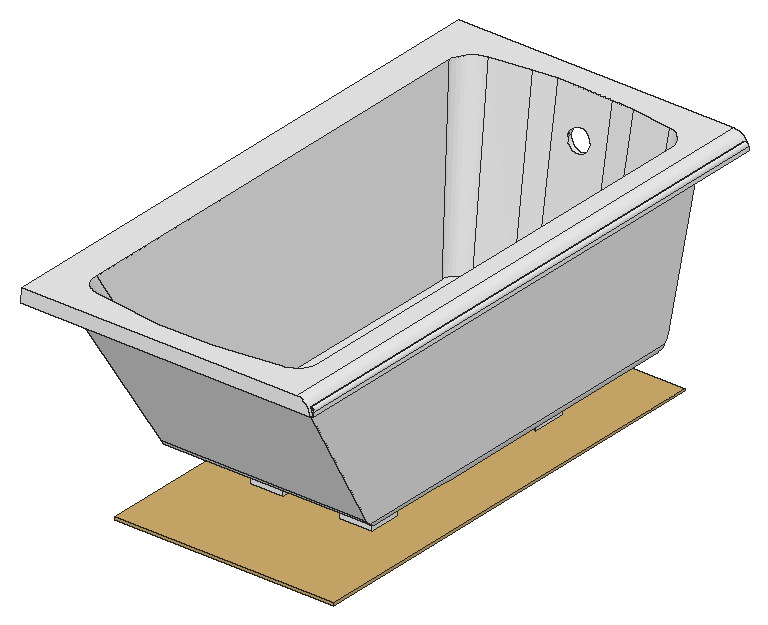
Revit family "bm-00012_abr782r", category Plumbing Fixtures, host Face, Revit 2016
Family settings
  Host = Face
  Part Type = Normal
  Round Connector Dimension = Use Radius
  OmniClass Number = 23.45.05.14.21
  OmniClass Title = Bathtubs
  Cut with Voids When Loaded = No
  Shared = No
  Room Calculation Point = No
Parameters (values of type "ABR782R")
  ecoScorecard_data = " "
  ecoScorecard Product Page = "  "
  Width = 32"
  Waste Connection Radius = Waste Connection NPT / 2  # 1"
  Waste Connection NPT = 2"
  Waste Connection = yes
  Warranty URL = "http://www.totousa.com/warranty-registration"
  Warranty = "1 Year Limited Warranty on acrylic tub; 1 Year Limited Warranty on components and parts"
  WFU = 0
  Voltage = 120 V
  Vent Connection = yes
  URL = "http://www.totousa.com"
  Toto BIM Number = "BM-00012"  # constant formula
  Subcategory = "Bathtubs"  # constant formula
  Style = "Traditional"  # constant formula
  Spec Sheet URL = "http://assets.totousa.com/product-files/SS-01033_ABR782.pdf"
  Shipping Weight = 116.00 lbf
  Series = "Clayton"  # constant formula
  Product Page URL = " "
  Parts Manual URL = "http://assets.totousa.com/product-files/PD-00811_REMOTE_AIRBATHS.pdf"
  Owners Manual URL = "http://assets.totousa.com/product-files/0GU5054_AIRBATH_OM.pdf"
  Number of Poles = 1
  Model = "ABA782R"  # constant formula
  Manufacturer Toll Free Phone = "1-888-295-8134"  # constant formula
  Manufacturer Phone = "(770) 282-8686 "  # constant formula
  Manufacturer Fax = "(770) 282-0002"  # constant formula
  Manufacturer Email = "mailto:custservice@totousa.com "
  Manufacturer Address = "1155 Southern Road, Morrow, Georgia 30260"  # constant formula
  Manufacturer = "TOTO USA, Inc."  # constant formula
  Installation URL = "http://assets.totousa.com/product-files/0GU5034_AIRBATH_BATHTUB_IM.pdf"
  Industry Standards = "1200 VA"
  Height = 2 7/8"
  HWFU = 0
  HW Connection = no
  Full Load Amps = 10 A
  Frequency = 60 Hz
  Finish = Metal - TOTO - Chrome - Polished
  Description = "Tile-In Air Bath"  # constant formula
  Depth = 60"
  Default Elevation = 0"
  Cost Info = "mailto:custservice@totousa.com "
  Color Availability = "#01  Cotton, #12  Sedona Beige"
  CWFU = 0
  CW Connection = no
  CAD Drawing URL = "http://assets.totousa.com/product-files/AD-00128_ABR782R.dxf"
  Bottom Plate = Metal - TOTO - LifeKoat - Brass - Polished
  Blower Motor Horsepower (HP) = 1
  Assembly Code = "D2010510"
  95 CSI = "15410"
  04 CSI = "22 41 19"
Reference planes (in)
  plane 1 "Center (Front/Back)": y = 0
  plane 2: z = 0
  plane 3 "Center (Left/Right)": x = 0
Dimensions and locks (in)
  aligned and locked: plane 2 to host face
  aligned and locked: level to host face
  aligned: nested 1 to plane 1 "Center (Front/Back)"
  aligned: plane 3 "Center (Left/Right)" to nested 1
  aligned and locked: nested 1 to plane 1 "Center (Front/Back)"
  aligned and locked: plane 3 "Center (Left/Right)" to nested 1
Nested families (in)
  nested 1: "ABA782R" at (0, 30.25, 0), type "ABA782R"
Connectors (in)
  piping at (0, 22, 2.84375), diameter 2, driven by "Waste Connection Radius"
    settings: on nested 1, index 1, connector inside diameter 2", connector length 0", flow factor 0, pipe flow 0 GPM, pressure drop 0.00 psi, fitting loss kfactor 0, connector angle 0.00°, fixture units 0, engagement length 0", angle of deflection 0.00°, flow configuration 3, flow direction 2, fitting loss method 0, system type 16, joint type 0, gender type 0, connector reference index -1, connector utility 0, adjustable connector no, is connector primary yes, connector description "Waste Outlet Connection"
  electrical at (0, -21.7793, 14.47914), driven by "Voltage"
    settings: on nested 1, index 2, voltage 120 V, apparent load 0 VA, apparent load phase1 0 VA, apparent load phase2 0 VA, apparent load phase3 0 VA, power factor 1, load classification "Other", number of poles 1, system type 30, power factor state 1, is connector primary yes, connector utility no, sub classification motor no, connector description "Power Connection"
Definition of nested family "ABA782R"
  Parameters
    ecoScorecard_data = ""
    ecoScorecard Product Page = ""
    Waste Connection Radius = Waste Connection NPT / 2  # 1"
    Waste Connection NPT = 2"
    Waste Connection = yes
    WFU = 0
    Voltage = 120 V
    Vent Connection = yes
    URL = "http://www.totousa.com"
    Toto Version = "V.03"  # constant formula
    Toto BIM Number = "BM-00012"  # constant formula
    Subcategory = "Baths"  # constant formula
    Shipping Weight = 108.00 lbf
    Series = "Clayton"
    Product URL = "http://www.totousa.com/ProductDetail/tabid/75/Default.aspx?ProductId=f4647c25-42a9-476f-bf80-bba4a776ccb2&SearchId=143f0cf8-8443-43ab-af45-2db00bac7cde"
    Number of Poles = 1
    Nominal Width = 32"  # constant formula
    Nominal Length = 60"  # constant formula
    Nominal Depth = 24 7/8"  # constant formula
    Model = "ABA782R"
    Manufacturer = "TOTO USA, Inc."  # constant formula
    HWFU = 0
    HW Connection = no
    Full Load Amps = 10 A
    Frequency = 60 Hz
    Description = "Tile-In Air Bath"
    Default Elevation = 0"
    CWFU = 0
    CW Connection = no
    CADworks URL = "http://www.CADworks.net"
    Bottom Plate = none
    Blower Motor Horsepower (HP) = 1
    Bathtub Material = none
    Assembly Code = "D2010510"
    Apparent Power = Full Load Amps * Voltage  # 1200 VA
  Reference planes (in)
    plane 1 "Wall Closure": y = 0
    plane 2: z = 0
    plane 3 "Center (Left/Right)": x = 0
    plane 4: z = 24.875
    plane 5: y = -60
    plane 6: z = 23.375
    plane 7: x = -16
    plane 8: x = 16
    plane 9: z = 4.625
    plane 10: z = 5.125
    plane 11 "Vert. Center-Waste Connection": y = -8.25
    plane 12 "Horiz. Center-Waste Connection": z = 2.84375
    plane 13: y = -30.25
    plane 14: z = 22.8125
    plane 15: z = 20.09375
    plane 16: x = 10.21044
  Forms (in)
    Extrusion 1, solid
      sketch origin (0, 0, 0) x (1, 0, 0) y (0, 1, 0)
        loop
          line (-36, 24) -> (-36, -84) -> (36, -84) -> (36, 24) -> (-36, 24)
      from 0 to -2
    Extrusion 2, solid, material <- "Bottom Plate", detail levels fine
      sketch origin (0, 0, 0) x (1, 0, 0) y (0, 1, 0)
        loop
          line (-12, -4) -> (-12, -52) -> (12, -52) -> (12, -4) -> (-12, -4)
      from 0 to 0.25
    Blend 3, solid, material <- "Bathtub Material", detail levels medium+fine
      base sketch origin (0, 57.68752, 23.375) x (1, 0, 0) y (0, 1, 0)
        loop
          line (-16, -57.68752) -> (-16, -117.68752) -> (15.75, -117.68752) -> (15.75, -57.68752) -> (-16, -57.68752)
      top sketch origin (0, 57.68752, 23.375) x (1, 0, 0) y (0, 1, 0)
        loop
          line (15.75, -117.62502) -> (15.75, -57.75002) -> (-15.9375, -57.75002) -> (-15.9375, -117.62502) -> (15.75, -117.62502)
      from 0 to 1.5
    Extrusion 4, solid, material <- "Bathtub Material", detail levels medium+fine
      sketch origin (-12.53125, 0, 0) x (0, 1, 0) y (0, 0, 1)
        loop
          line (-57.5, 23.375) -> (-46.5586, 5.58327)
          arc (-46.5586, 5.58327) -> (-45.84402, 4.89263) -> (-44.88524, 4.63118) r 2
          line (-44.88524, 4.63118) -> (-9.37109, 4.09375) -> (-7.12109, 4.09375) -> (-7.05859, 4.1875)
          arc (-7.05859, 4.1875) -> (-5.96153, 4.81657) -> (-5.39507, 5.94724) r 2.1903
          line (-5.39507, 5.94724) -> (-2.375, 23.375) -> (-57.5, 23.375)
      from 0 to 25.0625
    Extrusion 5, void
      sketch origin (0, 3, 69.72292) x (0, 0, -1) y (1, 0, 0)
        loop
          line (64.70193, -11.19212) -> (46.34792, -12.53125) -> (65.62917, -12.53125) -> (65.62917, -10.19477)
          arc (65.62917, -10.19477) -> (65.36155, -10.87567) -> (64.70193, -11.19212) r 1
        loop
          arc (64.70193, 11.19212) -> (65.36155, 10.87567) -> (65.62917, 10.19477) r 1
          line (65.62917, 10.19477) -> (65.62917, 12.53125) -> (46.34792, 12.53125) -> (64.70193, 11.19212)
      from 3 to 63
    Blend 6, void
      base sketch origin (0, 57.68752, 24.875) x (0, -1, 0) y (1, 0, 0)
        loop
          line (111.95858, 12.25) -> (63.72646, 12.25)
          arc (63.72646, 12.25) -> (62.03281, 11.5889) -> (61.2349, 9.95523) r 2.5
          arc (61.2349, 9.95523) -> (61.0002, 7.76545) -> (60.65816, 5.58984) r 44.79453
          arc (60.65816, 5.58984) -> (60.46493, 4.29976) -> (60.35422, 3) r 20.4813
          arc (60.35422, 3) -> (60.27452, 0) -> (60.35422, -3) r 56.5
          arc (60.35422, -3) -> (60.46493, -4.29976) -> (60.65816, -5.58984) r 20.4813
          arc (60.65816, -5.58984) -> (61.0002, -7.76545) -> (61.2349, -9.95523) r 44.79453
          arc (61.2349, -9.95523) -> (62.03281, -11.5889) -> (63.72646, -12.25) r 2.5
          line (63.72646, -12.25) -> (111.95858, -12.25)
          arc (111.95858, -12.25) -> (113.65223, -11.5889) -> (114.45014, -9.95523) r 2.5
          arc (114.45014, -9.95523) -> (114.68484, -7.76545) -> (115.02688, -5.58984) r 44.79453
          arc (115.02688, -5.58984) -> (115.22011, -4.29976) -> (115.33082, -3) r 20.4813
          arc (115.33082, -3) -> (115.41052, 0) -> (115.33082, 3) r 56.5
          arc (115.33082, 3) -> (115.22011, 4.29976) -> (115.02688, 5.58984) r 20.4813
          arc (115.02688, 5.58984) -> (114.68484, 7.76545) -> (114.45014, 9.95523) r 44.79453
          arc (114.45014, 9.95523) -> (113.65223, 11.5889) -> (111.95858, 12.25) r 2.5
      top sketch origin (0, 57.68752, 24.875) x (0, -1, 0) y (1, 0, 0)
        loop
          arc (103.0981, -2.34956) -> (103.16052, 0) -> (103.0981, 2.34956) r 44.25
          arc (103.0981, 2.34956) -> (103.0536, 2.87192) -> (102.97595, 3.3904) r 8.2313
          arc (102.97595, 3.3904) -> (102.5466, 6.11392) -> (102.24936, 8.855) r 57.04453
          arc (102.24936, 8.855) -> (101.61008, 10.15974) -> (100.25639, 10.6875) r 2
          line (100.25639, 10.6875) -> (66.6424, 10.6875)
          arc (66.6424, 10.6875) -> (65.29951, 10.16961) -> (64.65209, 8.88414) r 2
          arc (64.65209, 8.88414) -> (64.41693, 6.91714) -> (64.10129, 4.96143) r 48.29453
          arc (64.10129, 4.96143) -> (63.94108, 3.89181) -> (63.84929, 2.81416) r 16.9813
          arc (63.84929, 2.81416) -> (63.77452, 0) -> (63.84929, -2.81416) r 53
          arc (63.84929, -2.81416) -> (63.94108, -3.89181) -> (64.10129, -4.96143) r 16.9813
          arc (64.10129, -4.96143) -> (64.41693, -6.91714) -> (64.65209, -8.88414) r 48.29453
          arc (64.65209, -8.88414) -> (65.29951, -10.16961) -> (66.6424, -10.6875) r 2
          line (66.6424, -10.6875) -> (100.25639, -10.6875)
          arc (100.25639, -10.6875) -> (101.61008, -10.15974) -> (102.24936, -8.855) r 2
          arc (102.24936, -8.855) -> (102.5466, -6.11392) -> (102.97595, -3.3904) r 57.04453
          arc (102.97595, -3.3904) -> (103.0536, -2.87192) -> (103.0981, -2.34956) r 8.2313
      from 0 to -19.75
    Extrusion 7, solid, material <- "Bathtub Material", detail levels medium+fine
      sketch origin (0, 0, 0.25) x (1, 0, 0) y (0, 1, 0)
        loop
          line (-6.625, -40.13672) -> (-3.125, -40.13672) -> (-3.125, -36.63672) -> (-6.625, -36.63672) -> (-6.625, -40.13672)
        loop
          line (6.625, -40.13672) -> (6.625, -36.63672) -> (3.125, -36.63672) -> (3.125, -40.13672) -> (6.625, -40.13672)
        loop
          line (-6.625, -14.14063) -> (-6.625, -17.64063) -> (-3.125, -17.64063) -> (-3.125, -14.14063) -> (-6.625, -14.14063)
        loop
          line (3.125, -14.14063) -> (3.125, -17.64063) -> (6.625, -17.64063) -> (6.625, -14.14063) -> (3.125, -14.14063)
      from -0.25 to 4.375
    Extrusion 8, void
      sketch origin (0, 57.68752, 5.125) x (0, -1, 0) y (1, 0, 0)
        loop
          circle (65.93752, 0) r 1
      from 0 to -1.03125
    Extrusion 9, solid, material <- "Bathtub Material", detail levels medium+fine
      sketch origin (0, 57.68752, 5.25) x (1, 0, 0) y (0, -1, 0)
        loop
          circle (0, 65.93752) r 1
        loop
          circle (0, 65.93752) r 1.25
      from 0 to 0.125
    Revolve 10, solid, material <- "Bathtub Material", detail levels medium+fine
      sketch origin (0, 0, 0) x (0, 1, 0) y (0, 0, 1)
        loop
          line (-7.25, 4.09375) -> (-7.25, 2.84375) -> (-7.1875, 2.84375) -> (-7.1875, 3.59375)
          arc (-7.1875, 3.59375) -> (-7.17083, 3.84595) -> (-7.12109, 4.09375) r 1.91556
          line (-7.12109, 4.09375) -> (-7.25, 4.09375)
        axis (-8.25, 4.09375) -> (-8.25, 2.84375)
      angle from 0 to 360
    Extrusion 11, void, detail levels medium+fine
      sketch origin (0, 0, 0) x (-1, 0, 0) y (0, 0, 1)
        loop
          circle (0, 20.09375) r 1.25
      from 0 to -8.25
    Extrusion 12, solid, material <- "Bathtub Material", detail levels medium+fine
      sketch origin (0, -59.25, 69.72292) x (0, 0, 1) y (1, 0, 0)
        loop
          line (-46.34792, 16) -> (-46.34792, 15.5) -> (-45.59792, 15.5) -> (-45.59792, 15.625)
          arc (-45.59792, 15.625) -> (-45.70775, 15.89017) -> (-45.97292, 16) r 0.375
          line (-45.97292, 16) -> (-46.34792, 16)
      from -0.5 to 59
    Extrusion 13, void
      sketch origin (-51, -7.875, 48) x (-1, 0, 0) y (0, 0, -1)
        loop
          arc (-65.25, 23.125) -> (-66.31066, 23.56434) -> (-66.75, 24.625) r 1.5
          line (-66.75, 24.625) -> (-67, 24.625) -> (-67, 22.875) -> (-65.25, 22.875) -> (-65.25, 23.125)
      from -7.875 to 52.125
    Extrusion 14, solid, material <- "Bathtub Material", detail levels coarse
      sketch origin (0, 57.68752, 24.875) x (1, 0, 0) y (0, -1, 0)
        loop
          line (-16, 117.68752) -> (-16, 57.68752) -> (16, 57.68752) -> (16, 117.68752) -> (-16, 117.68752)
      from 0 to 24.875
  Cuts and joins
    Extrusion 5, Blend 6, Extrusion 13 cuts Blend 3
    Extrusion 5, Blend 6, Extrusion 8, Extrusion 11 cuts Extrusion 4
    joined: Blend 3, Extrusion 4, Extrusion 9, Extrusion 12
  Lines and regions (in)
    symbolic lines, detail levels medium+fine
      curve 1: line (-15.9375, -0.0625, 24.875) -> (-15.9375, -59.9375, 24.875)
      curve 2: line (-16, -60, 24.875) -> (-16, 0, 24.875)
      curve 3: line (14.2638, -0.0625, 24.875) -> (-15.9375, -0.0625, 24.875)
      curve 4: line (-16, 0, 24.875) -> (-15.9375, -0.0625, 24.875)
      curve 5: line (-16, 0, 24.875) -> (15.74993, 0, 24.875)
      curve 6: spline (14.2638, -0.0625, 24.875) -> (14.45841, -0.06189, 24.875) -> (14.64947, -0.06024, 24.875) -> (14.83377, -0.05757, 24.875) -> (15.00818, -0.05393, 24.875) -> (15.16976, -0.04937, 24.875) -> (15.31578, -0.04398, 24.875) -> (15.44375, -0.03785, 24.875) -> (15.55153, -0.03107, 24.875) -> (15.63729, -0.02378, 24.875) -> (15.69958, -0.01608, 24.875) -> (15.73733, -0.00811, 24.875) -> (15.74993, 0, 24.875)
      curve 7: line (15.75, 0, 24.875) -> (15.75, -0.25, 24.875)
      curve 8: line (15.54904, -0.25, 24.875) -> (16, -0.25, 24.875)
      curve 9: line (15.54904, -59.75, 24.875) -> (15.54904, -0.25, 24.875)
      curve 10: line (16, -0.25, 24.875) -> (16, -59.75, 24.875)
      curve 11: line (16, -59.75, 24.875) -> (15.54904, -59.75, 24.875)
      curve 12: line (15.75, -59.75, 24.875) -> (15.75, -60, 24.875)
      curve 13: spline (15.74993, -60, 24.875) -> (15.73733, -59.99189, 24.875) -> (15.69958, -59.98392, 24.875) -> (15.63729, -59.97622, 24.875) -> (15.55153, -59.96893, 24.875) -> (15.44375, -59.96215, 24.875) -> (15.31578, -59.95602, 24.875) -> (15.16976, -59.95063, 24.875) -> (15.00818, -59.94607, 24.875) -> (14.83377, -59.94243, 24.875) -> (14.64947, -59.93976, 24.875) -> (14.45841, -59.93811, 24.875) -> (14.2638, -59.9375, 24.875)
      curve 14: line (15.75, -60, 24.875) -> (-16, -60, 24.875)
      curve 15: line (-15.9375, -59.9375, 24.875) -> (14.2638, -59.9375, 24.875)
      curve 16: line (-16, -60, 24.875) -> (-15.9375, -59.9375, 24.875)
      curve 17: arc (-12.25, -54.27106, 24.875) -> (-11.5889, -55.96471, 24.875) -> (-9.95523, -56.76262, 24.875) r 2.5
      curve 18: arc (-9.95523, -56.76262, 24.875) -> (-7.76545, -56.99732, 24.875) -> (-5.58984, -57.33936, 24.875) r 44.79453
      curve 19: arc (-5.58984, -57.33936, 24.875) -> (-4.29976, -57.53259, 24.875) -> (-3, -57.6433, 24.875) r 20.4813
      curve 20: arc (-3, -57.6433, 24.875) -> (0, -57.723, 24.875) -> (3, -57.6433, 24.875) r 56.5
      curve 21: line (-12.25, -6.03894, 24.875) -> (-12.25, -54.27106, 24.875)
      curve 22: arc (3, -57.6433, 24.875) -> (4.29976, -57.53259, 24.875) -> (5.58984, -57.33936, 24.875) r 20.4813
      curve 23: arc (5.58984, -57.33936, 24.875) -> (7.76545, -56.99732, 24.875) -> (9.95523, -56.76262, 24.875) r 44.79453
      curve 24: arc (9.95523, -56.76262, 24.875) -> (11.5889, -55.96471, 24.875) -> (12.25, -54.27106, 24.875) r 2.5
      curve 25: line (12.25, -54.27106, 24.875) -> (12.25, -6.03894, 24.875)
      curve 26: arc (8.855, -44.56184, 24.875) -> (10.15974, -43.92256, 24.875) -> (10.6875, -42.56886, 24.875) r 2
      curve 27: arc (3.3904, -45.28843, 24.875) -> (6.11392, -44.85908, 24.875) -> (8.855, -44.56184, 24.875) r 57.04453
      curve 28: arc (2.34956, -45.41058, 24.875) -> (2.87192, -45.36608, 24.875) -> (3.3904, -45.28843, 24.875) r 8.2313
      curve 29: arc (-2.34956, -45.41058, 24.875) -> (0, -45.473, 24.875) -> (2.34956, -45.41058, 24.875) r 44.25
      curve 30: arc (-3.3904, -45.28843, 24.875) -> (-2.87192, -45.36608, 24.875) -> (-2.34956, -45.41058, 24.875) r 8.2313
      curve 31: arc (-8.855, -44.56184, 24.875) -> (-6.11392, -44.85908, 24.875) -> (-3.3904, -45.28843, 24.875) r 57.04453
      curve 32: arc (-10.6875, -42.56886, 24.875) -> (-10.15974, -43.92256, 24.875) -> (-8.855, -44.56184, 24.875) r 2
      curve 33: line (-10.6875, -8.95488, 24.875) -> (-10.6875, -42.56886, 24.875)
      curve 34: line (10.6875, -42.56886, 24.875) -> (10.6875, -8.95488, 24.875)
      curve 35: arc (10.6875, -8.95488, 24.875) -> (10.16961, -7.61199, 24.875) -> (8.88414, -6.96457, 24.875) r 2
      curve 36: arc (12.25, -6.03894, 24.875) -> (11.5889, -4.34529, 24.875) -> (9.95523, -3.54738, 24.875) r 2.5
      curve 37: arc (9.95523, -3.54738, 24.875) -> (7.76545, -3.31268, 24.875) -> (5.58984, -2.97064, 24.875) r 44.79453
      curve 38: arc (8.88414, -6.96457, 24.875) -> (6.91714, -6.7294, 24.875) -> (4.96143, -6.41377, 24.875) r 48.29453
      curve 39: arc (4.96143, -6.41377, 24.875) -> (3.89181, -6.25356, 24.875) -> (2.81416, -6.16176, 24.875) r 16.9813
      curve 40: arc (2.81416, -6.16176, 24.875) -> (0, -6.087, 24.875) -> (-2.81416, -6.16176, 24.875) r 53
      curve 41: arc (5.58984, -2.97064, 24.875) -> (4.29976, -2.77741, 24.875) -> (3, -2.6667, 24.875) r 20.4813
      curve 42: arc (3, -2.6667, 24.875) -> (0, -2.587, 24.875) -> (-3, -2.6667, 24.875) r 56.5
      curve 43: spline (-1.24744, -3.44835, 24.875) -> (-1.20961, -3.38886, 24.875) -> (-1.08754, -3.33323, 24.875) -> (-0.88974, -3.28536, 24.875) -> (-0.62999, -3.24856, 24.875) -> (-0.32636, -3.2254, 24.875) -> (0, -3.2175, 24.875) -> (0.32636, -3.2254, 24.875) -> (0.62999, -3.24856, 24.875) -> (0.88975, -3.28536, 24.875) -> (1.08754, -3.33323, 24.875) -> (1.20961, -3.38886, 24.875) -> (1.24744, -3.44835, 24.875)
      curve 44: line (1.24744, -3.44835, 24.875) -> (-1.24744, -3.44835, 24.875)
      curve 45: arc (-3, -2.6667, 24.875) -> (-4.29976, -2.77741, 24.875) -> (-5.58984, -2.97064, 24.875) r 20.4813
      curve 46: arc (-2.81416, -6.16176, 24.875) -> (-3.89181, -6.25356, 24.875) -> (-4.96143, -6.41377, 24.875) r 16.9813
      curve 47: arc (-4.96143, -6.41377, 24.875) -> (-6.91714, -6.7294, 24.875) -> (-8.88414, -6.96457, 24.875) r 48.29453
      curve 48: arc (-8.88414, -6.96457, 24.875) -> (-10.16961, -7.61199, 24.875) -> (-10.6875, -8.95488, 24.875) r 2
      curve 49: arc (-9.95523, -3.54738, 24.875) -> (-11.5889, -4.34529, 24.875) -> (-12.25, -6.03894, 24.875) r 2.5
      curve 50: arc (-5.58984, -2.97064, 24.875) -> (-7.76545, -3.31268, 24.875) -> (-9.95523, -3.54738, 24.875) r 44.79453
      curve 51: arc (1.25, -8.25, 24.875) -> (0, -7, 24.875) -> (-1.25, -8.25, 24.875) r 1.25
      curve 52: arc (-1.25, -8.25, 24.875) -> (0, -9.5, 24.875) -> (1.25, -8.25, 24.875) r 1.25
      curve 53: arc (-1, -8.25, 24.875) -> (0, -7.25, 24.875) -> (1, -8.25, 24.875) r 1
      curve 54: arc (1, -8.25, 24.875) -> (0, -9.25, 24.875) -> (-1, -8.25, 24.875) r 1
      curve 63: line (-16, -30.25, 24.875) -> (14.25, -30.25, 24.875)
      curve 64: line (16, -30.25, 23.375) -> (-16, -30.25, 23.375)
      curve 65: arc (14.25, -30.25, 24.875) -> (15.31066, -30.25, 24.43566) -> (15.75, -30.25, 23.375) r 1.5
      curve 66: line (15.54904, -30.25, 24.125) -> (15.625, -30.25, 24.125)
      curve 67: arc (15.625, -30.25, 24.125) -> (15.89017, -30.25, 24.01517) -> (16, -30.25, 23.75) r 0.375
      curve 68: line (16, -30.25, 23.75) -> (16, -30.25, 23.375)
      curve 69: line (-16, -30.25, 23.375) -> (-15.9375, -30.25, 24.875)
      curve 70: line (-12.53125, -30.25, 23.375) -> (-11.19212, -30.25, 5.02098)
      curve 71: arc (-10.19477, -30.25, 4.09375) -> (-10.87567, -30.25, 4.36137) -> (-11.19212, -30.25, 5.02098) r 1
      curve 72: line (10.19477, -30.25, 4.09375) -> (6.625, -30.25, 4.09375)
      curve 73: arc (11.19212, -30.25, 5.02098) -> (10.87567, -30.25, 4.36137) -> (10.19477, -30.25, 4.09375) r 1
      curve 74: line (11.19212, -30.25, 5.02098) -> (12.53125, -30.25, 23.375)
      curve 75: line (3.125, -30.25, 0.25) -> (3.125, -30.25, 4.625)
      curve 76: line (3.125, -30.25, 4.625) -> (6.625, -30.25, 4.625)
      curve 77: line (6.625, -30.25, 4.625) -> (6.625, -30.25, 0.25)
      curve 78: line (-3.125, -30.25, 0.25) -> (-3.125, -30.25, 4.625)
      curve 79: line (-6.625, -30.25, 0.25) -> (-6.625, -30.25, 4.625)
      curve 80: line (-6.625, -30.25, 4.625) -> (-3.125, -30.25, 4.625)
      curve 81: line (-1.0625, -30.25, 2.84375) -> (1.0625, -30.25, 2.84375)
      curve 82: line (1.0625, -30.25, 2.84375) -> (1.0625, -30.25, 3.59375)
      curve 83: arc (1.0625, -30.25, 3.59375) -> (1.0794, -30.25, 3.846) -> (1.1298, -30.25, 4.09375) r 1.89109
      curve 84: line (-1.0625, -30.25, 2.84375) -> (-1.0625, -30.25, 3.59375)
      curve 85: arc (-1.0625, -30.25, 3.59375) -> (-1.0794, -30.25, 3.846) -> (-1.1298, -30.25, 4.09375) r 1.89109
      curve 86: line (-6.625, -30.25, 4.09375) -> (-10.19477, -30.25, 4.09375)
      curve 87: line (3.125, -30.25, 4.09375) -> (-3.125, -30.25, 4.09375)
      curve 102: line (0, 0, 24.875) -> (0, -60, 24.875)
      curve 103: line (0, -60, 23.375) -> (0, 0, 23.375)
      curve 104: line (0, -59.9375, 24.875) -> (0, -60, 23.375)
      curve 105: line (0, -57.5, 23.375) -> (0, -46.5586, 5.58327)
      curve 106: arc (0, -46.5586, 5.58327) -> (0, -45.84402, 4.89263) -> (0, -44.88524, 4.63118) r 2
      curve 107: line (0, -44.88524, 4.63118) -> (0, -9.37109, 4.09375)
      curve 108: line (0, -7.12109, 4.09375) -> (0, -9.37109, 4.09375)
      curve 109: line (0, -7.12109, 4.09375) -> (0, -7.05859, 4.1875)
      curve 110: arc (0, -7.05859, 4.1875) -> (0, -5.96153, 4.81657) -> (0, -5.39507, 5.94724) r 2.1903
      curve 111: line (0, -5.39507, 5.94724) -> (0, -2.375, 23.375)
      curve 112: line (0, 0, 23.375) -> (0, -0.0625, 24.875)
      curve 113: line (0, -9.3125, 2.84375) -> (0, -7.1875, 2.84375)
      curve 114: line (0, -9.3125, 2.84375) -> (0, -9.3125, 3.59375)
      curve 115: arc (0, -9.3125, 3.59375) -> (0, -9.3272, 3.84546) -> (0, -9.37109, 4.09375) r 2.16263
      curve 116: line (0, -7.1875, 2.84375) -> (0, -7.1875, 3.59375)
      curve 117: arc (0, -7.1875, 3.59375) -> (0, -7.1728, 3.84546) -> (0, -7.12891, 4.09375) r 2.16263
      curve 118: line (0, -14.14063, 4.16593) -> (0, -14.14063, 0.25)
      curve 119: line (0, -17.64063, 4.21889) -> (0, -17.64063, 0.25)
      curve 120: line (0, -36.63672, 4.50636) -> (0, -36.63672, 0.25)
      curve 121: line (0, -40.13672, 4.55933) -> (0, -40.13672, 0.25)
    symbolic lines, detail levels coarse
      curve 55: line (-16, 0, 24.875) -> (16, 0, 24.875)
      curve 56: line (-16, -60, 24.875) -> (-16, 0, 24.875)
      curve 57: line (16, -60, 24.875) -> (-16, -60, 24.875)
      curve 58: line (16, 0, 24.875) -> (16, -60, 24.875)
      curve 59: line (-16, -30.25, 24.875) -> (16, -30.25, 24.875)
      curve 60: line (-16, -30.25, 0) -> (-16, -30.25, 24.875)
      curve 61: line (16, -30.25, 0) -> (-16, -30.25, 0)
      curve 62: line (16, -30.25, 24.875) -> (16, -30.25, 0)
      curve 98: line (0, 0, 24.875) -> (0, -60, 24.875)
      curve 99: line (0, 0, 0) -> (0, 0, 24.875)
      curve 100: line (0, -60, 0) -> (0, 0, 0)
      curve 101: line (0, -60, 24.875) -> (0, -60, 0)
    symbolic lines, detail levels medium
      curve 88: line (-6.625, -30.25, 0.25) -> (-6.625, -30.25, 0)
      curve 89: line (-6.625, -30.25, 0) -> (-3.125, -30.25, 0)
      curve 90: line (-3.125, -30.25, 0) -> (-3.125, -30.25, 0.25)
      curve 91: line (3.125, -30.25, 0.25) -> (3.125, -30.25, 0)
      curve 92: line (3.125, -30.25, 0) -> (6.625, -30.25, 0)
      curve 93: line (6.625, -30.25, 0) -> (6.625, -30.25, 0.25)
      curve 122: line (0, -36.63672, 0.25) -> (0, -36.63672, 0)
      curve 123: line (0, -36.63672, 0) -> (0, -40.13672, 0)
      curve 124: line (0, -40.13672, 0) -> (0, -40.13672, 0.25)
      curve 125: line (0, -14.14063, 0.25) -> (0, -14.14063, 0)
      curve 126: line (0, -14.14063, 0) -> (0, -17.64063, 0)
      curve 127: line (0, -17.64063, 0) -> (0, -17.64063, 0.25)
    symbolic lines, detail levels fine
      curve 94: line (-12, -30.25, 0.25) -> (12, -30.25, 0.25)
      curve 95: line (-12, -30.25, 0) -> (-12, -30.25, 0.25)
      curve 96: line (12, -30.25, 0) -> (-12, -30.25, 0)
      curve 97: line (12, -30.25, 0.25) -> (12, -30.25, 0)
      curve 128: line (0, -4, 0.25) -> (0, -52, 0.25)
      curve 129: line (0, -4, 0) -> (0, -4, 0.25)
      curve 130: line (0, -52, 0) -> (0, -4, 0)
      curve 131: line (0, -52, 0.25) -> (0, -52, 0)
  Dimensions and locks (in)
    locked: plane 1 "Wall Closure" to Extrusion 2 at 4
    "Nominal Width": plane 8 to plane 7
    equal spacing: plane 8, plane 3 "Center (Left/Right)", plane 7, locked at 16 each
    "Nominal Length": plane 5 to plane 1 "Wall Closure"
    "Nominal Depth": plane 2 to plane 4
    plane 12 "Horiz. Center-Waste Connection" to plane 2 = 2 27/32"
    locked: plane 9 to plane 2 at 4.625
    locked: plane 10 to plane 2 at 5.125
    locked: plane 14 to plane 2 at 22.8125
    locked: plane 6 to plane 2 at 23.375
    locked: plane 11 "Vert. Center-Waste Connection" to plane 1 "Wall Closure" at 8.25
    locked: plane 13 to plane 1 "Wall Closure" at 30.25
    locked: plane 15 to plane 2 at 20.09375
    locked: Extrusion 2 to plane 2 at 0.25  (x2)
    locked: Extrusion 9 to plane 10 at 0.125  (x2)
    locked: Extrusion 12 to Extrusion 12 at 59.5
    locked: plane 5 to Extrusion 12 at 0.25
    locked: Extrusion 12 to plane 1 "Wall Closure" at 0.25
    locked: Extrusion 9 to plane 9 at 0.625
    locked: plane 12 "Horiz. Center-Waste Connection" to Extrusion 2 at 2.59375
    locked: plane 9 to Extrusion 2 at 4.375
    "Waste Connection Radius": radius of Extrusion 8 sketch curve
    "Waste Connection Radius": radius of Extrusion 9 sketch curve
    aligned and locked: plane 2 to Extrusion 1
    aligned and locked: level to Extrusion 1
    aligned and locked: Blend 3 sketch curve to plane 1 "Wall Closure"
    aligned and locked: Extrusion 8 to Blend 6
    aligned and locked: Extrusion 11 to plane 11 "Vert. Center-Waste Connection"
    aligned and locked: Extrusion 11 to plane 1 "Wall Closure"
    aligned and locked: Extrusion 2 to level
    aligned: Extrusion 7 to Extrusion 2
    aligned and locked: Extrusion 4 to Extrusion 8
    aligned and locked: Extrusion 12 to plane 8
    aligned and locked: plane 6 to Extrusion 12
    aligned and locked: Extrusion 13 to plane 8
    aligned and locked: plane 6 to Extrusion 13
    aligned and locked: Extrusion 2 to plane 2
    aligned and locked: Revolve 10 to cut or joined group of Blend 3, Extrusion 4, Extrusion 5, Blend 6, Extrusion 8, Extrusion 9, Extrusion 11, Extrusion 12, Extrusion 13
    aligned and locked: Revolve 10 to plane 12 "Horiz. Center-Waste Connection"
    aligned and locked: Extrusion 8 to Revolve 10
    aligned and locked: Extrusion 5 to plane 5
    aligned and locked: Extrusion 5 to plane 1 "Wall Closure"
    aligned and locked: Extrusion 7 to plane 9
    aligned and locked: Extrusion 7 to level
  Automatic sketch dimensions
    Extrusion 1 sketch curve to Extrusion 1 sketch curve = 72"
    Extrusion 1 sketch curve to Extrusion 1 sketch curve = 108"
    plane 7 to Extrusion 2 sketch curve = 4"
    Extrusion 2 sketch curve to plane 16 = 1.78956"
    plane 5 to Extrusion 2 sketch curve = 8"
    plane 1 "Wall Closure" to Extrusion 2 sketch curve = 4"
    Blend 3 sketch curve to plane 5 = 0"
    Blend 3 sketch curve to plane 7 = 0"
    plane 8 to Blend 3 sketch curve = 1/4"  (x2)
    plane 7 to Blend 3 sketch curve = 1/16"
    plane 1 "Wall Closure" to Blend 3 sketch curve = 1/16"
    plane 5 to Blend 3 sketch curve = 1/16"
    plane 6 to Extrusion 4 sketch curve = 0"
    plane 5 to Extrusion 4 sketch curve = 2 1/2"
    Extrusion 4 sketch curve to plane 10 = 0.45827"
    plane 5 to Extrusion 4 sketch curve = 13 113/256"
    Extrusion 4 sketch curve to plane 9 = 0.00618"
    Extrusion 4 sketch curve to Extrusion 4 sketch curve = 1.67337"
    Extrusion 4 sketch curve to plane 10 = 1.50596"
    plane 9 to Extrusion 4 sketch curve = 17/32"
    Extrusion 4 sketch curve to plane 11 "Vert. Center-Waste Connection" = 1 31/256"
    plane 11 "Vert. Center-Waste Connection" to Extrusion 4 sketch curve = 0.69679"
    plane 11 "Vert. Center-Waste Connection" to Extrusion 4 sketch curve = 1 33/256"
    Extrusion 4 sketch curve to Extrusion 4 sketch curve = 1/16"
    Extrusion 4 sketch curve to plane 10 = 0.82224"
    Extrusion 4 sketch curve to Extrusion 4 sketch curve = 2.15814"
    plane 1 "Wall Closure" to Extrusion 4 sketch curve = 2 3/8"
    Extrusion 4 sketch curve to Extrusion 4 sketch curve = 3/32"
    Extrusion 5 sketch curve to plane 6 = 0"  (x2)
    plane 10 to Extrusion 5 sketch curve = 1/32"  (x2)
    plane 10 to Extrusion 5 sketch curve = 0.10402"  (x2)
    plane 16 to Extrusion 5 sketch curve = 0.01567"
    plane 9 to Extrusion 5 sketch curve = 17/32"  (x2)
    plane 7 to Extrusion 5 sketch curve = 5.80523"
    plane 7 to Extrusion 5 sketch curve = 3 15/32"
    Extrusion 5 sketch curve to plane 16 = 2.32081"
    Blend 6 sketch curve to plane 3 "Center (Left/Right)" = 0"  (x4)
    plane 8 to Blend 6 sketch curve = 2.36745"  (x2)
    Blend 6 sketch curve to plane 1 "Wall Closure" = 41.09595"  (x2)
    plane 7 to Blend 6 sketch curve = 2.36745"  (x2)
    Blend 6 sketch curve to Blend 6 sketch curve = 0"  (x25)
    plane 1 "Wall Closure" to Blend 6 sketch curve = 1.223"  (x2)
    plane 1 "Wall Closure" to Blend 6 sketch curve = 2.6667"  (x2)
    Blend 6 sketch curve to Blend 6 sketch curve = 0.30394"  (x4)
    plane 16 to Blend 6 sketch curve = 0.25521"  (x2)
    plane 1 "Wall Closure" to Blend 6 sketch curve = 3.54738"  (x2)
    plane 11 "Vert. Center-Waste Connection" to Blend 6 sketch curve = 2.21106"
    plane 16 to Blend 6 sketch curve = 0.46044"
    Blend 6 sketch curve to Blend 6 sketch curve = 17.08017"
    Blend 6 sketch curve to plane 3 "Center (Left/Right)" = 1.9125"  (x2)
    Blend 6 sketch curve to plane 13 = 6.94089"  (x2)
    plane 5 to Blend 6 sketch curve = 5.72894"  (x2)
    Blend 6 sketch curve to Blend 6 sketch curve = 2.49156"  (x2)
    plane 5 to Blend 6 sketch curve = 2.66064"
    Blend 6 sketch curve to Blend 6 sketch curve = 0.57674"
    plane 11 "Vert. Center-Waste Connection" to Blend 6 sketch curve = 2.08824"  (x2)
    Blend 6 sketch curve to Blend 6 sketch curve = 0.252"  (x2)
    plane 11 "Vert. Center-Waste Connection" to Blend 6 sketch curve = 1.28543"  (x2)
    Blend 6 sketch curve to plane 11 "Vert. Center-Waste Connection" = 0.70488"  (x2)
    plane 3 "Center (Left/Right)" to Blend 6 sketch curve = 1.9125"
    Blend 6 sketch curve to Blend 6 sketch curve = 14.16423"
    Blend 6 sketch curve to Blend 6 sketch curve = 5.37797"  (x2)
    plane 16 to Blend 6 sketch curve = 1.52294"
    Blend 6 sketch curve to Blend 6 sketch curve = 1.99297"  (x2)
    plane 16 to Blend 6 sketch curve = 1.35544"
    Blend 6 sketch curve to plane 3 "Center (Left/Right)" = 3.3904"
    Blend 6 sketch curve to Blend 6 sketch curve = 0.72659"  (x2)
    plane 3 "Center (Left/Right)" to Blend 6 sketch curve = 3.3904"
    Extrusion 7 sketch curve to Extrusion 2 = 5 3/8"  (x2)
    Extrusion 7 sketch curve to Extrusion 7 sketch curve = 3 1/2"  (x8)
    Extrusion 7 sketch curve to Extrusion 7 sketch curve = 6 1/4"  (x2)
    Extrusion 7 sketch curve to Extrusion 2 = 11 221/256"
    Extrusion 7 sketch curve to Extrusion 7 sketch curve = 0"  (x2)
    Extrusion 7 sketch curve to Extrusion 2 = 13 41/64"
    Extrusion 8 sketch curve to plane 3 "Center (Left/Right)" = 0"
    Extrusion 8 sketch curve to plane 11 "Vert. Center-Waste Connection" = 0"
    Extrusion 9 sketch curve to Extrusion 9 sketch curve = 0"  (x2)
    Extrusion 9 sketch curve to plane 3 "Center (Left/Right)" = 0"
    Extrusion 9 sketch curve to plane 11 "Vert. Center-Waste Connection" = 0"
    Revolve 10 sketch curve to plane 11 "Vert. Center-Waste Connection" = 0"
    plane 12 "Horiz. Center-Waste Connection" to Revolve 10 sketch curve = 0"
    plane 11 "Vert. Center-Waste Connection" to Revolve 10 sketch curve = 1"
    Revolve 10 sketch curve to Revolve 10 sketch curve = 1/16"
    Revolve 10 sketch curve to Revolve 10 sketch curve = 33/256"
    Revolve 10 sketch curve to plane 12 "Horiz. Center-Waste Connection" = 3/4"
    Revolve 10 sketch curve to Revolve 10 sketch curve = 1.84915"
    plane 12 "Horiz. Center-Waste Connection" to Revolve 10 sketch curve = 27/32"
    Revolve 10 sketch curve to plane 10 = 3/8"
    Extrusion 11 sketch curve to plane 3 "Center (Left/Right)" = 0"
    Extrusion 11 sketch curve to plane 15 = 0"
    Extrusion 12 sketch curve to plane 6 = 0"
    plane 8 to Extrusion 12 sketch curve = 0"
    Extrusion 12 sketch curve to Extrusion 12 sketch curve = 3/8"
    plane 8 to Extrusion 12 sketch curve = 3/8"
    Extrusion 12 sketch curve to Extrusion 12 sketch curve = 1/8"
    Extrusion 13 sketch curve to plane 6 = 0"
    plane 8 to Extrusion 13 sketch curve = 0"
    Extrusion 13 sketch curve to plane 4 = 0"
    Extrusion 13 sketch curve to Extrusion 13 sketch curve = 1/4"  (x2)
    curve 18 to curve 31 = 0"  (x2)
    curve 19 to curve 30 = 0"  (x2)
    curve 20 to curve 29 = 0"  (x2)
    curve 22 to curve 28 = 0"  (x2)
    curve 23 to curve 27 = 0"  (x2)
    curve 37 to curve 38 = 0"  (x2)
    curve 39 to curve 41 = 0"  (x2)
    curve 40 to curve 42 = 0"  (x2)
    curve 45 to curve 46 = 0"  (x2)
    curve 47 to curve 50 = 0"  (x2)
    curve 51 to curve 52 = 0"  (x2)
    curve 51 to curve 53 = 0"  (x2)
    curve 51 to curve 54 = 0"  (x2)
    curve 52 to curve 53 = 0"  (x2)
    curve 52 to curve 54 = 0"  (x2)
    curve 53 to curve 54 = 0"  (x2)
    plane 1 "Wall Closure" to curve 5 = 0"
    curve 5 to plane 7 = 0"
    curve 52 to plane 11 "Vert. Center-Waste Connection" = 0"
    curve 53 to plane 3 "Center (Left/Right)" = 0"
    curve 29 to plane 3 "Center (Left/Right)" = 0"
    curve 42 to plane 3 "Center (Left/Right)" = 0"
    curve 13 to plane 5 = 0"
    curve 55 to plane 8 = 0"
    curve 10 to plane 8 = 0"
    plane 7 to curve 3 = 1/16"
    plane 7 to curve 50 = 2.36745"
    plane 7 to curve 18 = 2.36745"
    plane 7 to curve 21 = 3 3/4"
    plane 7 to curve 32 = 5 5/16"
    curve 21 to curve 18 = 2.29477"
    curve 49 to curve 50 = 2.29477"
    curve 49 to curve 50 = 0"
    curve 17 to curve 18 = 0"
    plane 11 "Vert. Center-Waste Connection" to curve 49 = 2.21106"
    curve 50 to curve 49 = 0.20523"
    curve 21 to curve 17 = 2 1/2"
    curve 49 to curve 47 = 0.86586"
    curve 48 to curve 47 = 0"
    curve 32 to curve 32 = 1.8325"
    curve 31 to curve 32 = 0"
    curve 31 to curve 32 = 0.1675"
    curve 48 to plane 11 "Vert. Center-Waste Connection" = 0.70488"
    plane 5 to curve 18 = 2.66064"
    curve 18 to curve 18 = 4.36539"
    plane 1 "Wall Closure" to curve 45 = 2.97064"
    curve 49 to curve 45 = 4.36539"
    curve 19 to curve 18 = 0"
    curve 46 to curve 47 = 0"
    curve 30 to curve 31 = 0"
    curve 19 to curve 19 = 2 151/256"
    curve 50 to curve 45 = 2 151/256"
    curve 42 to curve 45 = 0"
    curve 20 to curve 19 = 0"
    curve 47 to curve 46 = 2.14727"
    curve 40 to curve 46 = 0"
    curve 30 to curve 30 = 1.04084"
    curve 29 to curve 30 = 0"
    curve 52 to curve 51 = 1 1/4"
    curve 43 to plane 3 "Center (Left/Right)" = 1.24744"
    curve 51 to curve 54 = 1/4"
    plane 3 "Center (Left/Right)" to curve 43 = 0"
    curve 44 to curve 43 = 0.00018"
    plane 3 "Center (Left/Right)" to curve 28 = 1.9125"
    plane 3 "Center (Left/Right)" to curve 41 = 1.9125"
    curve 30 to curve 29 = 4.69912"
    curve 28 to curve 29 = 0"
    curve 51 to curve 40 = 1.56416"
    curve 39 to curve 40 = 0"
    curve 22 to curve 20 = 0"
    curve 41 to curve 42 = 0"
    curve 28 to curve 27 = 1.04084"
    curve 28 to curve 27 = 0"
    plane 11 "Vert. Center-Waste Connection" to curve 38 = 1.83623"
    curve 39 to curve 38 = 2.14727"
    curve 37 to curve 41 = 0"
    curve 23 to curve 22 = 0"
    plane 16 to curve 26 = 1.52294"
    curve 35 to plane 11 "Vert. Center-Waste Connection" = 0.70488"
    plane 16 to curve 35 = 1.52294"
    plane 16 to curve 26 = 1.35544"
    curve 27 to curve 26 = 0"
    curve 35 to curve 35 = 0.19664"
    curve 38 to curve 35 = 0"
    plane 16 to curve 24 = 0.46044"
    plane 16 to curve 36 = 0.46044"
    curve 36 to curve 37 = 0.20523"
    curve 36 to curve 37 = 0"
    plane 16 to curve 24 = 0.25521"
    plane 5 to curve 13 = 0.00003"
    plane 8 to curve 13 = 1.75072"
    plane 1 "Wall Closure" to curve 6 = 0.00003"
    plane 8 to curve 6 = 1.75072"
    curve 6 to curve 3 = 0.01453"
    curve 13 to curve 15 = 0.01453"
    plane 8 to curve 11 = 0.45096"
    plane 8 to curve 5 = 0.25007"
    plane 8 to curve 13 = 0.25007"
    curve 5 to curve 7 = 0.00007"
    curve 9 to curve 12 = 0.20096"
    plane 5 to curve 1 = 1/16"
    plane 5 to curve 10 = 1/4"
    curve 43 to curve 45 = 0.78165"
    curve 43 to curve 43 = 1/256"
    plane 1 "Wall Closure" to curve 9 = 1/4"
    plane 1 "Wall Closure" to curve 3 = 1/16"
    plane 1 "Wall Closure" to Extrusion 14 sketch curve = 0"
    Extrusion 14 sketch curve to plane 7 = 0"
    Extrusion 14 sketch curve to plane 5 = 0"
    Extrusion 14 sketch curve to plane 8 = 0"
    curve 97 to level = 0"
    curve 89 to level = 0"
    curve 60 to level = 0"
    curve 93 to level = 0"
    curve 84 to plane 12 "Horiz. Center-Waste Connection" = 0"
    curve 80 to plane 9 = 0"
    curve 75 to plane 9 = 0"
    curve 74 to plane 6 = 0"
    curve 69 to plane 6 = 0"
    curve 68 to plane 6 = 0"
    plane 8 to curve 67 = 0"
    plane 8 to curve 68 = 0"
    curve 69 to plane 4 = 0"
    curve 69 to plane 7 = 0"
    level to curve 91 = 1/4"
    level to curve 90 = 1/4"
    level to curve 94 = 1/4"
    level to curve 93 = 1/4"
    level to curve 88 = 1/4"
    curve 85 to plane 12 "Horiz. Center-Waste Connection" = 3/4"
    curve 82 to plane 12 "Horiz. Center-Waste Connection" = 3/4"
    curve 83 to curve 83 = 1/2"
    plane 9 to curve 71 = 17/32"
    plane 16 to curve 73 = 0.01567"
    plane 9 to curve 73 = 17/32"
    plane 10 to curve 74 = 0.10402"
    plane 10 to curve 71 = 0.10402"
    plane 10 to curve 71 = 1/32"
    plane 10 to curve 73 = 1/32"
    curve 67 to plane 6 = 3/8"
    curve 68 to curve 67 = 0"
    plane 8 to curve 67 = 3/8"
    curve 59 to curve 69 = 1/16"
    plane 7 to curve 70 = 3 15/32"
    curve 60 to curve 96 = 4"
    plane 7 to curve 71 = 4.80788"
    curve 95 to curve 89 = 5 3/8"
    curve 86 to curve 79 = 0"
    curve 89 to plane 3 "Center (Left/Right)" = 3 1/8"
    curve 87 to curve 78 = 0"
    curve 87 to curve 85 = 0.17141"
    curve 85 to plane 3 "Center (Left/Right)" = 1.1298"
    plane 3 "Center (Left/Right)" to curve 82 = 1 1/16"
    curve 83 to curve 83 = 0.0673"
    plane 3 "Center (Left/Right)" to curve 75 = 3 1/8"
    curve 83 to curve 87 = 0.17141"
    curve 92 to curve 93 = 3 1/2"
    curve 72 to curve 76 = 0"
    curve 94 to plane 16 = 1.78956"
    curve 74 to plane 16 = 2.32081"
    curve 65 to curve 67 = 1 3/8"
    curve 63 to curve 65 = 0"
    curve 101 to level = 0"
    curve 101 to plane 5 = 0"
    plane 4 to curve 104 = 0"
    plane 6 to curve 105 = 0"
    curve 130 to level = 0"
    curve 124 to level = 0"
    curve 126 to level = 0"
    plane 12 "Horiz. Center-Waste Connection" to curve 113 = 0"
    curve 100 to plane 1 "Wall Closure" = 0"
    plane 6 to curve 112 = 0"
    plane 6 to curve 104 = 0"
    plane 5 to curve 104 = 1/16"
    curve 103 to curve 105 = 2 1/2"
    level to curve 128 = 1/4"
    plane 5 to curve 128 = 8"
    curve 105 to plane 10 = 0.45827"
    curve 128 to curve 105 = 5 113/256"
    curve 107 to plane 9 = 0.00618"
    curve 105 to curve 107 = 1.67337"
    curve 106 to plane 10 = 1.50596"
    curve 106 to curve 124 = 4.74852"
    level to curve 120 = 1/4"
    curve 121 to curve 120 = 3 1/2"
    plane 9 to curve 119 = 0.40611"
    curve 119 to plane 11 "Vert. Center-Waste Connection" = 9 25/64"
    level to curve 125 = 1/4"
    curve 119 to curve 125 = 3 1/2"
    curve 115 to plane 12 "Horiz. Center-Waste Connection" = 3/4"
    curve 118 to curve 115 = 2.66549"
    plane 9 to curve 108 = 17/32"
    plane 11 "Vert. Center-Waste Connection" to curve 110 = 0.69679"
    plane 11 "Vert. Center-Waste Connection" to curve 113 = 1 1/16"
    curve 116 to curve 117 = 15/256"
    curve 117 to curve 109 = 1/128"
    plane 9 to curve 109 = 7/16"
    curve 108 to curve 109 = 1/16"
    curve 111 to plane 10 = 0.82224"
    curve 110 to curve 111 = 2.15814"
    curve 117 to plane 12 "Horiz. Center-Waste Connection" = 3/4"
    curve 109 to curve 117 = 2.03372"
    curve 117 to curve 129 = 1.02487"
    curve 111 to curve 103 = 2 3/8"
    plane 1 "Wall Closure" to curve 112 = 1/16"
    curve 123 to curve 124 = 1/4"
    level to curve 127 = 1/4"
    radius of Extrusion 9 sketch curve = 1 1/4"
    radius of Extrusion 11 sketch curve = 1 1/4"
